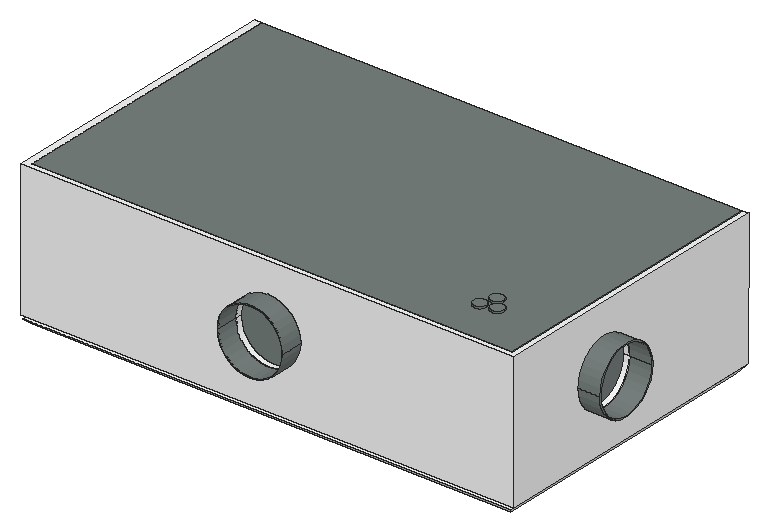
Revit family "AM 300 HSDIDE", category Mechanical Equipment, Revit 2019
Family settings
  Round Connector Dimension = Use Diameter
  Part Type = Normal
  OmniClass Number = 23.75.00.00
  OmniClass Title = Climate Control (HVAC)
  Work Plane-Based = No
  Always vertical = Yes
  Cut with Voids When Loaded = No
  Shared = No
  Room Calculation Point = No
Parameters
  publication date = "01.05.2023"
  Weight (Standard Unit) = 85  # constant formula
  Water Heating [instance] = yes
  Water Heater Surface Return = 15 mm  # constant formula
  Water Heater Surface IN = 15 mm  # constant formula
  Version number = "1.0"
  URL = "www.airmaster-as.com"
  Total Width = 1180 mm  # constant formula
  Total Hight = 344 mm  # constant formula
  T-C Duct Supply = 187 mm  # constant formula
  T-C Duct Exhaust = 187 mm  # constant formula
  Suply Air In = 160 mm  # constant formula
  R-C Duct Supply = 133 mm  # constant formula
  Phase 1 - Max Power Consumption = "1175 W"
  Phase 1 - Max Current = "7,97 A"
  Nominal current, electrical preheating surface = "4,35 A"
  Nominal current, electrical comfort heating surface = "2,17 A"
  Nominal current, air handling unit = "1,45 A"
  Network Conection = "AWG 24 CAT 5e STP"
  Model = "AM 300 HSDIDE"
  Max. flow rate 35 dB(A) with ePM10 80% filters = 240.00 m³  # constant formula
  Max. flow rate 35 dB(A) with ePM10 55% filters = 270.00 m³  # constant formula
  Max. flow rate 35 dB(A) with ePM10 50% filters = 275.00 m³  # constant formula
  Max. flow rate 30 dB(A) with ePM10 80% filters = 180.00 m³  # constant formula
  Max. flow rate 30 dB(A) with ePM10 55% filters = 205.00 m³  # constant formula
  Max. flow rate 30 dB(A) with ePM10 50% filters = 210.00 m³  # constant formula
  Manufacturer = "Airmaster A/S"
  Maintenance [instance] = no
  L-C Duct Exhaust = 133 mm  # constant formula
  Exhaust Air = 160 mm  # constant formula
  Total Depth = 703 mm  # constant formula
  Electrical connection = "1 ~ 230 V / N / PE / 50 Hz"
  Drawn By = "LSB"
  Data Sheet = "https://www.airmaster-as.com/media/4938/15583-am300-en-rev-04.pdf"
  Condensate = 6 mm  # constant formula
  BMS Panel = "(PTS) 2x2x0,6"
  BMS Out = "(PTS) 2x2x0,6"
  BMS IN = "(PTS) 2x2x0,6"
  Airlow area [instance] = no
Reference planes
  plane 1 "Center (Front/Back)": y = 0
  plane 2: z = 0
  plane 3 "Center (Left/Right)": x = 0
  plane 4 "Center L/S": y = -703
  plane 5 "Center L/T": x = -590
  plane 6 "Center L/U": x = 590
  plane 7 "TOP": z = 344
  plane 8 "Center L/V": x = -575
  plane 9 "Center L/W": y = -688
  plane 10 "Center L/X": x = 575
  plane 11 "Panel Buttom": z = 20.747
  plane 12 "Panel Top": z = 330.347
  plane 13 "Hatch": z = 14.5
Forms (mm)
  Extrusion 1, solid, material "AM Grey"
    sketch origin (0, 0, 0) x (1, 0, 0) y (0, 1, 0)
      loop
        line (-575, 0) -> (-575, -688) -> (575, -688) -> (575, 0) -> (-575, 0)
    from 14.5 to 344
  Extrusion 2, solid, material "AM White"
    sketch origin (794.5, -1524, 20.747) x (0, -1, 0) y (-1, 0, 0)
      loop
        line (-1524, 1384.5) -> (-1524, 1369.5) -> (-836, 1369.5) -> (-836, 219.5) -> (-1524, 219.5) -> (-1524, 204.5) -> (-821, 204.5) -> (-821, 1384.5) -> (-1524, 1384.5)
    from 0 to -323.253
  Blend 3, solid, material "AM White"
    base sketch origin (-790.646, -1524, 14.5) x (0, -1, 0) y (1, 0, 0)
      loop
        line (-821, 207.613) -> (-821, 1373.657) -> (-1524, 1373.657) -> (-1524, 207.613) -> (-821, 207.613)
    top sketch origin (-790.646, -1524, 14.5) x (0, -1, 0) y (1, 0, 0)
      loop
        line (-836, 218.963) -> (-836, 1362.646) -> (-1509.161, 1362.646) -> (-1509.161, 218.963) -> (-836, 218.963)
    from 0 to -14.5
  Extrusion 4, solid, material "AM Grey"
    sketch origin (338.155, 0, 0) x (1, 0, 0) y (0, 0, -1)
      loop
        circle (118.845, -156.117) r 78
      loop
        circle (118.845, -156.117) r 79.754
    from 0 to 40.5
  Extrusion 5, solid, material "Maintenece", visible <- "Maintenance"
    sketch origin (-790.646, -1524, 0) x (1, 0, 0) y (0, -1, 0)
      loop
        line (200.646, -1524) -> (1380.646, -1524) -> (1380.646, -821) -> (200.646, -821) -> (200.646, -1524)
    from 0 to 1200
  Extrusion 6, solid, material "AM Grey"
    sketch origin (0, 0, 344) x (1, 0, 0) y (0, 1, 0)
      loop
        circle (428.027, -549.273) r 15.55
    from 0 to 3
  Extrusion 7, solid, material "AM Grey"
    sketch origin (0, 0, 344) x (1, 0, 0) y (0, 1, 0)
      loop
        circle (452.132, -578.023) r 15.55
    from 0 to 3
  Extrusion 8, solid, material "AM Grey"
    sketch origin (0, 0, 344) x (1, 0, 0) y (0, 1, 0)
      loop
        circle (415.201, -584.535) r 15.55
    from 0 to 3
  Extrusion 9, solid, material "AM Grey", visible <- "Water Heating"
    sketch origin (-575, -688, 0) x (0, 1, 0) y (0, 0, -1)
      loop
        circle (325.216, -242.139) r 15.55
    from 0 to 36
  Extrusion 10, solid, material "AM Grey", visible <- "Water Heating"
    sketch origin (-575, -836.92, 39.903) x (0, 1, 0) y (0, 0, -1)
      loop
        circle (325.216, -242.139) r 15.55
    from 0 to 36
  Extrusion 11, solid, material "AM Grey"
    sketch origin (590, -288, 58.747) x (0, -1, 0) y (0, 0, -1)
      loop
        circle (145, -136.253) r 79
      loop
        circle (145, -136.253) r 77
    from 0 to 54
  Extrusion 12, void
    sketch origin (644, -288, 58.747) x (0, 1, 0) y (0, 0, -1)
      loop
        circle (-145, -136.253) r 77
    from 0 to 77.512
  Extrusion 13, solid, material "AM Grey"
    sketch origin (590, -703, -322.414) x (-1, 0, 0) y (0, 0, -1)
      loop
        circle (587, -517.414) r 77.16
      loop
        circle (587, -517.414) r 78
    from 0 to 54
  Extrusion 14, void
    sketch origin (590, -757, -322.414) x (1, 0, 0) y (0, 0, -1)
      loop
        circle (-587, -517.414) r 77.16
    from 0 to 69
  Extrusion 15, solid, material "AM Grey"
    sketch origin (-575, -688, 0) x (0, 1, 0) y (0, 0, -1)
      loop
        circle (543.5, -156.162) r 77.16
      loop
        circle (543.5, -156.162) r 78
    from 0 to 54
  Extrusion 16, void
    sketch origin (-590, 0, 20.747) x (0, 1, 0) y (0, 0, 1)
      loop
        circle (-144.5, 135.415) r 79.16
    from 0 to 15
Cuts and joins
  Extrusion 12, Extrusion 14, Extrusion 16 cuts Extrusion 2
  Extrusion 12 cuts Extrusion 11
  Extrusion 14 cuts Extrusion 13
  Extrusion 16 cuts Extrusion 1
  Extrusion 16 cuts Extrusion 15
Dimensions and locks
  "Total Depth": plane 4 "Center L/S" to plane 1 "Center (Front/Back)"
  equal spacing: plane 5 "Center L/T", plane 3 "Center (Left/Right)", plane 6 "Center L/U"
  "Total Width": plane 5 "Center L/T" to plane 6 "Center L/U"
  "Total Hight": plane 7 "TOP" to level
  locked: plane 10 "Center L/X" to plane 6 "Center L/U" at 15
  locked: plane 4 "Center L/S" to plane 9 "Center L/W" at 15
  locked: plane 5 "Center L/T" to plane 8 "Center L/V" at 15
  Extrusion 1 to Blend 3 sketch curve = 14.839 mm
  aligned and locked: level to plane 2
  aligned and locked: plane 1 "Center (Front/Back)" to Extrusion 1 sketch curve
  aligned and locked: plane 8 "Center L/V" to Extrusion 1 sketch curve
  aligned and locked: Extrusion 1 sketch curve to plane 9 "Center L/W"
  aligned and locked: Extrusion 1 sketch curve to plane 10 "Center L/X"
  aligned and locked: plane 7 "TOP" to Extrusion 1
  aligned and locked: plane 5 "Center L/T" to Extrusion 2 sketch curve
  aligned and locked: plane 4 "Center L/S" to Extrusion 2 sketch curve
  aligned and locked: plane 6 "Center L/U" to Extrusion 2 sketch curve
  aligned and locked: Extrusion 2 sketch curve to Extrusion 1  (x3)
  aligned and locked: plane 1 "Center (Front/Back)" to Extrusion 2 sketch curve
  aligned and locked: Blend 3 to plane 2
  aligned and locked: plane 13 "Hatch" to Extrusion 1
Automatic sketch dimensions
  plane 1 "Center (Front/Back)" to Extrusion 2 sketch curve = 0 mm
  plane 1 "Center (Front/Back)" to Blend 3 sketch curve = 0 mm
  plane 4 "Center L/S" to Blend 3 sketch curve = 0 mm
  plane 5 "Center L/T" to Blend 3 sketch curve = 6.967 mm
  Blend 3 sketch curve to plane 6 "Center L/U" = 6.989 mm
  plane 9 "Center L/W" to Blend 3 sketch curve = 0 mm
  plane 8 "Center L/V" to Blend 3 sketch curve = 3.316 mm
  Blend 3 sketch curve to plane 10 "Center L/X" = 3 mm
  Extrusion 5 sketch curve to Blend 3 = 18.316 mm
  Extrusion 5 sketch curve to Blend 3 = 18 mm
  Extrusion 5 sketch curve to Blend 3 = 15 mm
  Extrusion 5 sketch curve to Blend 3 = 14.839 mm
  Extrusion 6 sketch curve to Extrusion 1 = 146.973 mm
  Extrusion 6 sketch curve to Extrusion 1 = 138.727 mm
  Extrusion 7 sketch curve to Extrusion 1 = 122.868 mm
  Extrusion 7 sketch curve to Extrusion 1 = 109.977 mm
  Extrusion 8 sketch curve to Extrusion 1 = 159.799 mm
  Extrusion 8 sketch curve to Extrusion 1 = 103.465 mm
  Extrusion 1 to Extrusion 9 sketch curve = 101.861 mm
  Extrusion 9 sketch curve to Extrusion 1 = 325.216 mm
  Extrusion 1 to Extrusion 10 sketch curve = 61.958 mm
  Extrusion 10 sketch curve to Extrusion 1 = 176.296 mm
  Extrusion 11 sketch curve to Extrusion 2 = 270 mm
  Extrusion 2 to Extrusion 11 sketch curve = 149 mm
  Extrusion 11 sketch curve to Extrusion 11 sketch curve = 0 mm  (x2)
  Extrusion 2 to Extrusion 16 sketch curve = 144.5 mm
  Extrusion 16 sketch curve to Extrusion 16 sketch curve = 0 mm
  Extrusion 16 sketch curve to Extrusion 2 = 135.415 mm
  Extrusion 16 sketch curve to Extrusion 16 sketch curve = 79.16 mm
  radius of Extrusion 6 sketch curve = 15.55 mm
  radius of Extrusion 7 sketch curve = 15.55 mm
  radius of Extrusion 8 sketch curve = 15.55 mm
  radius of Extrusion 9 sketch curve = 15.55 mm
  radius of Extrusion 10 sketch curve = 15.55 mm
  radius of Extrusion 11 sketch curve = 79 mm
  radius of Extrusion 11 sketch curve = 77 mm
  radius of Extrusion 12 sketch curve to Extrusion 11 = 0 mm
  radius of Extrusion 14 sketch curve to Extrusion 13 = 0 mm
Nested families
  nested 1: "Model Label 2019" at (0, -361.924, 0), Label <- "Model", type "Model Label 2019"
    with Label "AM 300 HSDIDE"
Connectors
  electrical at (428.027, -549.273, 344)
    settings: on Extrusion 6, index 13, voltage 230 V, apparent load 0 VA, apparent load phase1 0 VA, apparent load phase2 0 VA, apparent load phase3 0 VA, power factor 0.55, load classification "Other", number of poles 1, system type 30, power factor state 1, is connector primary yes, connector utility no, sub classification motor no, connector description ""
  electrical at (452.132, -578.023, 344), driven by "BMS Out"
    settings: on Extrusion 7, index 14, voltage 0 V, apparent load 0 VA, apparent load phase1 0 VA, apparent load phase2 0 VA, apparent load phase3 0 VA, power factor 1, load classification "Other", number of poles 1, system type 5, power factor state 1, is connector primary no, connector utility no, sub classification motor no, connector description "(PTS) 2x2x0,6"
  electrical at (415.201, -584.535, 344), driven by "BMS IN"
    settings: on Extrusion 8, index 15, voltage 0 V, apparent load 0 VA, apparent load phase1 0 VA, apparent load phase2 0 VA, apparent load phase3 0 VA, power factor 1, load classification "Other", number of poles 1, system type 5, power factor state 1, is connector primary no, connector utility no, sub classification motor no, connector description "(PTS) 2x2x0,6"
  piping at (-611, -362.784, 242.139), diameter 15, driven by "Water Heater Surface IN"
    settings: on Extrusion 9, index 16, connector inside diameter 609.6 mm, connector length 0 mm, flow factor 0, pipe flow 0.0 L/s, pressure drop 0.0 Pa, fitting loss kfactor 0, connector angle 0.00°, fixture units 0, engagement length 0 mm, angle of deflection 0.00°, flow configuration 0, flow direction 1, fitting loss method 0, system type 19, joint type 0, gender type 0, connector reference index -1, connector utility 0, adjustable connector no, is connector primary yes, connector description ""
  piping at (-611, -511.704, 282.042), diameter 15, driven by "Water Heater Surface IN"
    settings: on Extrusion 10, index 17, connector inside diameter 609.6 mm, connector length 0 mm, flow factor 0, pipe flow 0.0 L/s, pressure drop 0.0 Pa, fitting loss kfactor 0, connector angle 0.00°, fixture units 0, engagement length 0 mm, angle of deflection 0.00°, flow configuration 0, flow direction 2, fitting loss method 0, system type 19, joint type 0, gender type 0, connector reference index -1, connector utility 0, adjustable connector no, is connector primary no, connector description ""
  hvac at (457, 0, 156.117), driven by "Suply Air In"
    settings: on Extrusion 4, index 19, duct flow 0.0 L/s, flow factor 0, pres drop 0.0 Pa, loss coef 0, conn angle 0.00°, conn width 304.8 mm, conn height 304.8 mm, conn diameter 160 mm, duct sys type 3, conn prof type 0, flow config 0, flow direction 2, loss method 0, conn ref index -1, conn util no, is conn primary yes, conn desc ""
  hvac at (644, -433, 195)
    settings: on Extrusion 11, index 21, duct flow 0.0 L/s, flow factor 0, pres drop 0.0 Pa, loss coef 0, conn angle 0.00°, conn width 304.8 mm, conn height 160 mm, conn diameter 160 mm, duct sys type 2, conn prof type 0, flow config 0, flow direction 1, loss method 0, conn ref index -1, conn util no, is conn primary no, conn desc ""
  hvac at (3, -757, 195)
    settings: on Extrusion 13, index 22, duct flow 0.0 L/s, flow factor 0, pres drop 0.0 Pa, loss coef 0, conn angle 0.00°, conn width 304.8 mm, conn height 304.8 mm, conn diameter 160 mm, duct sys type 1, conn prof type 0, flow config 0, flow direction 0, loss method 0, conn ref index -1, conn util no, is conn primary no, conn desc ""
  hvac at (-575, -144.5, 156.162)
    settings: on Extrusion 15, index 23, duct flow 0.0 L/s, flow factor 0, pres drop 0.0 Pa, loss coef 0, conn angle 0.00°, conn width 304.8 mm, conn height 160 mm, conn diameter 160 mm, duct sys type 1, conn prof type 0, flow config 0, flow direction 1, loss method 0, conn ref index -1, conn util no, is conn primary no, conn desc ""
Definition of nested family "Model Label 2019"
  Parameters (values of type "Model Label 2019")
    Label [instance] = ""
  Reference planes
    plane 1: y = 0
    plane 2: x = 0
  Text (mm)
    label "Label" at (-0.131, 0.049, 0), shows "Label"
